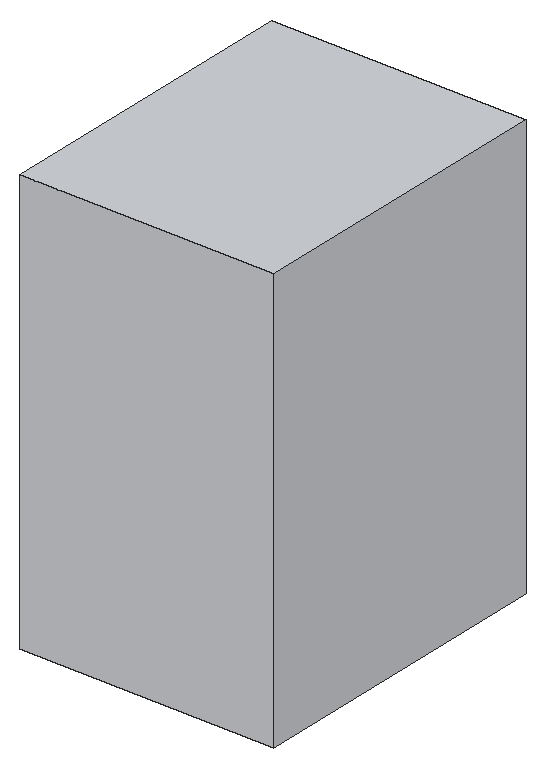
Revit family
Parameters
  r = 0' - 0 3/4"
  opening [instance] = 0' - 6"
  box width = 1' - 0 3/4"
  box height = 2' - 2"
  box depth = 0' - 4"
  Warranty Duration (Years) = 0
  Unit Width [instance] = 1' - 2 1/4"
  Unit Height [instance] = 2' - 4"
  Unit Depth = 0' - 0 15/16"
  URL = "http://www.americanspecialties.com/viewCategories.cfm"
  Trim Material = Metal - Stainless Steel
  Test Data = ""
  Specification = "http://www.arcat.com/sdspecs/htm/10810asi.htm"
  SpecWizard = ""
  Send Message = "http://www.arcat.com/users.pl?action=UserEmail&company=American%20Specialties,%20Inc.&coid=30448&rep=139&fax=914-476-0688&mf="
  Sales Information = "http://www.americanspecialties.com/contact"
  Revision = "R1_10-2010"
  Product Properties = "http://www.americanspecialties.com/datasheets/9459.pdf"
  Product Data = "http://www.arcat.com/arcatcos/cos30/arc30448.html"
  Model = "As Specified in 10 28 13"
  Manufacturer Website = "http://www.americanspecialties.com/viewCategories.cfm"
  Manufacturer Phone - Toll Free = ""
  Manufacturer Phone = "914-476-9000 "
  Manufacturer Fax = "914-476-0688"
  Manufacturer Address = "441 Saw Mill River Rd., Yonkers, NY 10701"
  Manufacturer = "American Specialties, Inc."
  Maintenance Schedule (Months) = 0
  Keynote = "10 28 13"
  Installation-Fabrication = "http://www.americanspecialties.com/products.cfm"
  Green Building-LEED = ""
  Expected Lifespan (Years) = 0
  Drawn By = "Robert S. Weygant. CSI, CDT, SCIP"  # constant formula
  Description = "Toilet Accessory as Specified in 10 28 13"
  Default Elevation = 4' - 0"
  Copyright = "©Arcat Inc."
  Construction Details = "http://www.arcat.com/green/clients/leed_data_30448.html"
  Building Codes = "http://www.americanspecialties.com/products.cfm"
  Body Material = Metal - Stainless Steel
  Assembly Code = "C1030210"
Reference planes (in)
  plane 1 "Center (Front/Back)": y = -0.29112
  plane 2 "Floor Line": z = 0
  plane 3 "Center (Left/Right)": x = -0.65843
Forms (in)
  Extrusion 1, solid
    sketch origin (-3, -9, -6) x (0, 0, -1) y (1, 0, 0)
      loop
        line (-82, 26) -> (-82, -19.34712) -> (-6, -19.34712) -> (-6, 26) -> (-82, 26)
    from 15.29112 to -41.06337
  Extrusion 2, solid, material "Metal - Stainless Steel" <- "Body Material"
    sketch origin (0, 0, 0) x (1, 0, 0) y (0, 1, 0)
      loop
        line (-7.03343, 12.70888) -> (-7.03343, -13.29112) -> (5.71657, -13.29112) -> (5.71657, 12.70888) -> (-7.03343, 12.70888)
    from 0 to -4
  Extrusion 3, solid, material "Metal - Stainless Steel" <- "Body Material"
    sketch origin (-0.90625, -0.29112, 0) x (1, 0, 0) y (0, 0, 1)
      loop
        line (-6.87718, 0) -> (7.37282, 0) -> (7.37282, 0.1875)
        arc (7.37282, 0.1875) -> (7.15315, 0.71783) -> (6.62282, 0.9375) r 0.75
        line (6.62282, 0.9375) -> (-6.12718, 0.9375)
        arc (-6.12718, 0.9375) -> (-6.65751, 0.71783) -> (-6.87718, 0.1875) r 0.75
        line (-6.87718, 0.1875) -> (-6.87718, 0)
    from -14 to 14
  Extrusion 4, solid, material "Metal - Stainless Steel" <- "Trim Material"
    sketch origin (0, 0, 0) x (1, 0, 0) y (0, 1, 0)
      loop
        circle (-5.49133, -0.29112) r 0.25
    from 0.9375 to 0.96875
  Extrusion 5, void
    sketch origin (0, 0, 0) x (1, 0, 0) y (0, 1, 0)
      loop
        line (-6.78343, 12.45888) -> (-6.78343, 6.45888) -> (5.46657, 6.45888) -> (5.46657, 12.45888) -> (-6.78343, 12.45888)
    from 0 to 0.9375
  Extrusion 6, solid, material "Metal - Stainless Steel" <- "Body Material"
    sketch origin (0, 0, 0) x (1, 0, 0) y (0, 1, 0)
      loop
        line (-6.78343, 12.45888) -> (-6.78343, 6.45888) -> (5.46657, 6.45888) -> (5.46657, 12.45888) -> (-6.78343, 12.45888)
    from 0 to 0.9375
  Extrusion 7, solid, material "Metal - Stainless Steel" <- "Trim Material"
    sketch origin (0, 0, 0) x (1, 0, 0) y (0, 1, 0)
      loop
        circle (3.77968, 7.50151) r 0.5
    from 0.9375 to 0.96875
Cuts and joins
  Extrusion 5 cuts Extrusion 2
  Extrusion 5 cuts Extrusion 3
Dimensions and locks (in)
  Extrusion 3 sketch curve to Extrusion 3 sketch curve = 1' - 2 1/4"
  Extrusion 3 sketch curve to Extrusion 3 sketch curve = 0' - 0 15/16"
  locked: Extrusion 2 to Extrusion 4 sketch curve at 1.5421
  locked: Extrusion 6 to Extrusion 7 sketch curve at 1.04263
  locked: Extrusion 7 sketch curve to Extrusion 6 at 1.68689
  "r": radius of Extrusion 3 sketch curve  (x2)
  aligned and locked: Extrusion 1 to level
  aligned and locked: Extrusion 2 to Extrusion 3
  aligned and locked: Extrusion 4 to Extrusion 5
  aligned and locked: Extrusion 5 to level
  aligned and locked: cut or joined group of Extrusion 3, Extrusion 5 to Extrusion 6 sketch curve
  aligned and locked: Extrusion 6 sketch curve to cut or joined group of Extrusion 3, Extrusion 5  (x3)
  aligned and locked: Extrusion 6 to level
  aligned and locked: Extrusion 4 to Extrusion 6
Automatic sketch dimensions
  Extrusion 1 sketch curve to Extrusion 1 sketch curve = 6' - 4"
  Extrusion 1 sketch curve to Extrusion 1 sketch curve = 3' - 9.34712"
  Extrusion 2 sketch curve to plane 3 "Center (Left/Right)" = 0' - 6 3/8"
  plane 3 "Center (Left/Right)" to Extrusion 2 sketch curve = 0' - 6 3/8"
  plane 1 "Center (Front/Back)" to Extrusion 2 sketch curve = 1' - 1"
  Extrusion 2 sketch curve to plane 1 "Center (Front/Back)" = 1' - 1"
  Extrusion 3 sketch curve to level = 0' - 0"
  Extrusion 3 sketch curve to plane 3 "Center (Left/Right)" = 0' - 7 1/8"
  Extrusion 4 sketch curve to plane 1 "Center (Front/Back)" = 0' - 0"
  plane 3 "Center (Left/Right)" to Extrusion 5 sketch curve = 0' - 6 1/8"
  Extrusion 5 sketch curve to plane 1 "Center (Front/Back)" = 0' - 6 3/4"
  Extrusion 5 sketch curve to Extrusion 5 sketch curve = 0' - 6"
  Extrusion 5 sketch curve to plane 3 "Center (Left/Right)" = 0' - 6 1/8"
  radius of Extrusion 4 sketch curve = 0' - 0 1/4"
  radius of Extrusion 7 sketch curve = 0' - 0 1/2"
